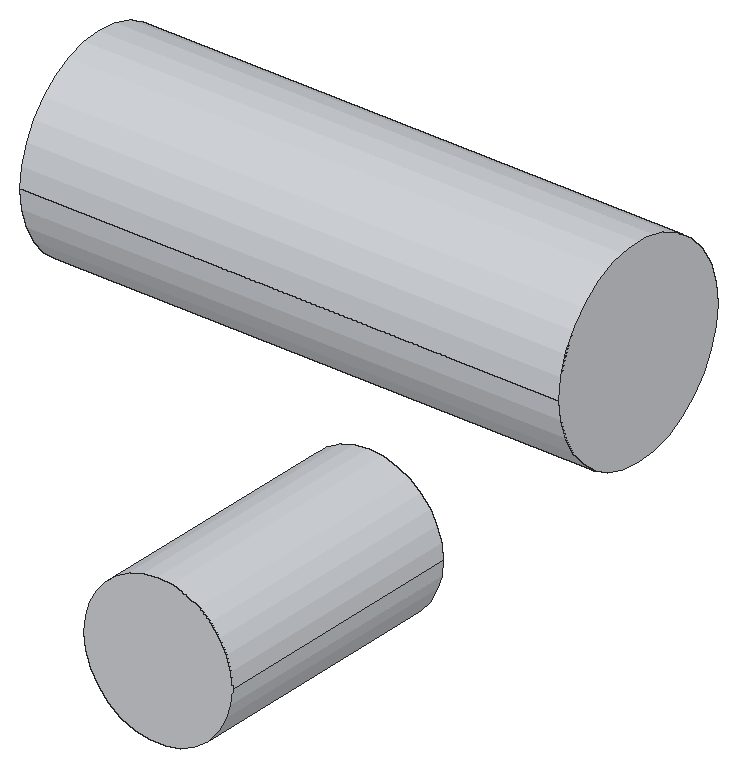
Revit family "25-CHLI", category Plumbing Fixtures, Revit 2014
Parameters (values of type "25-CHLI")
  Vent Connection = yes
  URL = "http://www.helvex.com.mx/contenido.php?producto=792"
  Type Comments = "Drains"
  Model = "25-CHLI"
  Max. Water Flow = 8.8 GPM
  Manufacturer = "Helvex"
  Installation Thread Upper = "2\" - 11 ½ NPSM"
  Installation Thread Lower = "1 ½\" - 11 NPSM"
  Insert Holder = Forged Brass
  Features = "Drain for Marmol or Ceramic Insert, Integrated Cesspool, Double Drain Plate, 0.23\" (6 mm) to Dislodge Perimeter, Hydraulic Seal"
  Elevation Range = "1.6\" - 2.2\""
  Drain = Forged Brass
  Documentation = "http://www.helvex.com.mx/productos/fichas/25-CHLI.pdf"
  Description = "Floor Drain With Round Three Outlets Grid Square for Insert"
  CW Connection = yes
  Body = Iron, Cast
Reference planes (in)
  plane 1 "Center (Front/Back)": y = 0
  plane 2: z = 0
  plane 3 "Center (Left/Right)": x = 0
Forms (in)
  Extrusion 1, solid
    sketch origin (0, 0, -1.05) x (1, 0, 0) y (0, 0, 1)
      loop
        circle (0, -5.13958) r 0.75
    from 0 to 2.665
  Extrusion 2, solid
    sketch origin (0, 0, -1.0951) x (0, 1, 0) y (0, 0, 1)
      loop
        circle (0, -2.50576) r 1
    from -2.729 to 2.729
Dimensions and locks (in)
  aligned and locked: level to plane 2
Connectors (in)
  piping at (0, -2.665, -6.18958), diameter 1.5, driven by "CW Connection"
    settings: on Extrusion 1, index 1, connector inside diameter 609.6 mm, connector length 0", flow factor 0, pipe flow 0.0 GPM, pressure drop 0.0 psi, fitting loss kfactor 0, connector angle 0.00°, fixture units 0, engagement length 0", angle of deflection 0.00°, flow configuration 2, flow direction 1, fitting loss method 0, system type 16, joint type 0, gender type 0, connector reference index -1, connector utility 1, adjustable connector no, is connector primary yes, connector description ""
  piping at (2.729, 0, -3.60086), diameter 2, driven by "CW Connection"
    settings: on Extrusion 2, index 2, connector inside diameter 609.6 mm, connector length 0", flow factor 0, pipe flow 0.0 GPM, pressure drop 0.0 psi, fitting loss kfactor 0, connector angle 0.00°, fixture units 0, engagement length 0", angle of deflection 0.00°, flow configuration 2, flow direction 2, fitting loss method 0, system type 16, joint type 0, gender type 0, connector reference index -1, connector utility 1, adjustable connector no, is connector primary no, connector description ""
  piping at (-2.729, 0, -3.60086), diameter 2, driven by "CW Connection"
    settings: on Extrusion 2, index 3, connector inside diameter 609.6 mm, connector length 0", flow factor 0, pipe flow 0.0 GPM, pressure drop 0.0 psi, fitting loss kfactor 0, connector angle 0.00°, fixture units 0, engagement length 0", angle of deflection 0.00°, flow configuration 2, flow direction 2, fitting loss method 0, system type 16, joint type 0, gender type 0, connector reference index -1, connector utility 1, adjustable connector no, is connector primary no, connector description ""
